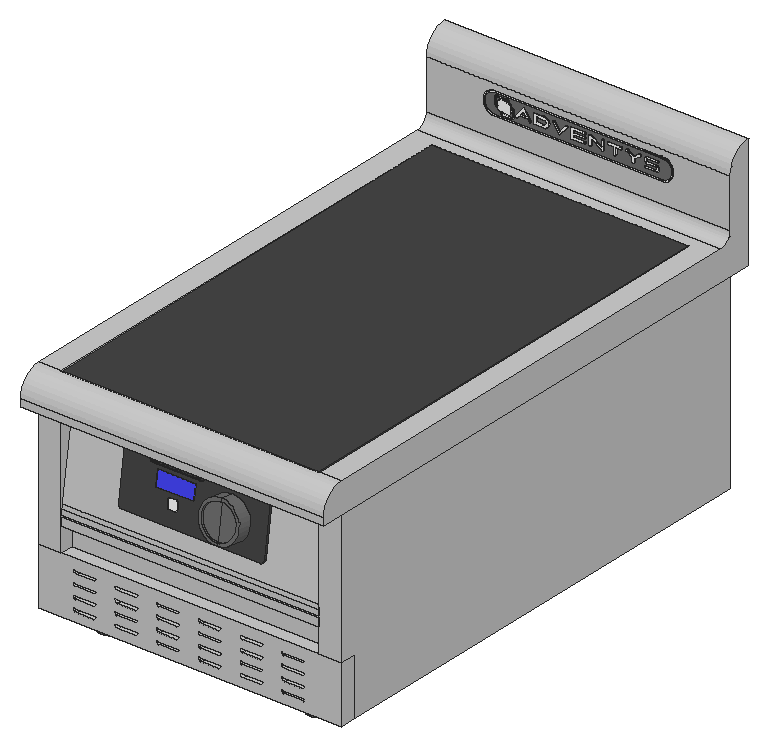
Revit family "QF_ADVENTYS_SKHP_250903103653", category Specialty Equipment, Revit 2021
Family settings
  Round Connector Dimension = Use Diameter
  Part Type = Normal
  OmniClass Number = 23.40.40.14
  OmniClass Title = Food Service Equipment
  Work Plane-Based = No
  Always vertical = Yes
  Cut with Voids When Loaded = No
  Shared = No
  Room Calculation Point = No
Parameters (values of type "ADV2186")
  Weight in Pounds [instance] = 0
  Weight = 25.00 kg
  Warranty Start Date [instance] = ""
  Warranty Duration [instance] = ""
  Volts [instance] = 400 V
  URL Recommended Spares List = ""
  URL Manufacturer = ""
  URL Cutsheet = ""
  URL Critical Spares List = ""
  URL = "www.adventys.com"
  Tag Number [instance] = ""
  Status [instance] = ""
  Specification by User [instance] = ""
  Specification by Manufacturer [instance] = ""
  Sound Level [instance] = ""
  Solid Fuel Type [instance] = ""
  Service Life Duration [instance] = ""
  Serial Number [instance] = ""
  Seismic Rating [instance] = ""
  SMACNA No [instance] = ""
  Revision Code [instance] = ""
  Revision [instance] = ""
  Production Year [instance] = ""
  Point Load [instance] = 0
  Phase [instance] = 3
  Other Equipment Approvals [instance] = ""
  Number of Poles [instance] = 3
  NAFEM Spec ID Number [instance] = ""
  Model Warning [instance] = ""
  Model = "SKHP"
  Min Ckt Ampacity [instance] = 0 A
  Max Overcurrent Protection [instance] = 25 A
  Masterspec [instance] = ""
  Manufacturer = "ADVENTYS"
  Length Actual = 400 mm
  Item Number [instance] = ""
  Installed By [instance] = ""
  Installation Date [instance] = ""
  Identify Quantity as Lot [instance] = no
  ID [instance] = ""
  Hygiene Approval [instance] = ""
  Hot Water Consumption = 0.0 L/s
  Height Actual = 310 mm
  HP power [instance] = ""
  Furnished By [instance] = ""
  Foodservice Equipment Identifier [instance] = no
  FL Amps [instance] = 16 A
  Electrical Remarks [instance] = "Plug not included"
  Electric power [instance] = 0 W
  Electric Connection Type [instance] = "Cord&Plug"
  Elec Conn RI Height [instance] = 0 mm
  Elec Conn Connection Height [instance] = 0 mm
  ETL Approved [instance] = no
  Description = "HOT PLATE MODULE"
  Depth Actual = 700 mm
  Default Elevation = 0 mm
  Cycle [instance] = 50 Hz
  Cost = 0
  Conn Plug [instance] = ""
  Conn Conduit [instance] = no
  CSI MasterFormat [instance] = ""
  CE Approved [instance] = no
  Barcode [instance] = 0
  Author [instance] = ""
  Asset Identifier [instance] = ""
  Apparent Power [instance] = 1000 VA
  Accessory = no
Reference planes
  plane 1 "Center (Front/Back)": y = 0
  plane 2: z = 0
  plane 3 "Center (Left/Right)": x = 0
Forms (mm)
  Extrusion 1, solid, not visible
    sketch origin (200.01, -32.002, 50.002) x (1, 0, 0) y (0, 1, 0)
      loop
        line (-2, 2) -> (-2, -2) -> (2, -2) -> (2, 2) -> (-2, 2)
    from -2 to 2
Dimensions and locks
  locked: Extrusion 1 to nested 2
  locked: nested 2 to Extrusion 1 at 2
  aligned and locked: level to plane 2
Nested families
  nested 1: "QF_ADVENTYS_ADV2186_2916" at (0, 0, 0), type "ADV2186"
    with Status "", Show Logo yes, Show Clearance yes
  nested 2: "CONN_POINT_ELE_2D___Generic_Annotation" at (200.01, -30.001, 50.002), type "CONN_POINT_ELE_2D___Generic_Annotation"
    with Onboard connection annotation symbol visibility yes
Connectors
  electrical at (200.01, -30.001, 50.002), driven by "Apparent Power", driven by "Number of Poles", driven by "Volts"
    settings: on Extrusion 1, index 1, voltage 400 V, apparent load 0 VA, apparent load phase1 1000 VA, apparent load phase2 0 VA, apparent load phase3 0 VA, power factor 1, load classification "Other", number of poles 3, system type 31, power factor state 1, is connector primary yes, connector utility no, sub classification motor no, connector description "Electrical connection for SKHP"
Definition of nested family "QF_ADVENTYS_ADV2186_2916"
  Parameters (values of type "ADV2186")
    URL = "www.adventys.com"
    Status [instance] = ""
    Show Logo [instance] = yes
    Show Clearance [instance] = yes
    Model = "SKHP"
    Manufacturer = "ADVENTYS"
    Description = "HOT PLATE MODULE"
    Default Elevation = 0 mm
    Author = "SPECIFI"
    Assembly Code = "E1090320"
  Reference planes
    plane 1 "Back": y = 0
    plane 2: z = 0
    plane 3 "Left": x = 0
    plane 4 "Right": x = 400
    plane 5 "Front": y = -700
    plane 6 "Top": z = 310
  Forms (mm)
    Extrusion 1, solid
      sketch origin (0, -550, -8.601) x (0, 1, 0) y (0, 0, 1)
        loop
          line (-150, 278.601) -> (550, 278.601) -> (550, 428.601)
          arc (550, 428.601) -> (528.787, 419.815) -> (520, 398.601) r 30
          line (520, 398.601) -> (520, 333.601)
          arc (520, 333.601) -> (515.607, 322.995) -> (505, 318.601) r 15
          line (505, 318.601) -> (-120, 318.601)
          arc (-120, 318.601) -> (-141.213, 309.815) -> (-150, 288.601) r 30
          line (-150, 288.601) -> (-150, 278.601)
      from 0 to 400
    Extrusion 2, solid, visible <- "Show Logo"
      sketch origin (66.717, 146.57, 781.431) x (1, 0, 0) y (0, 0, 1)
        loop
          arc (26.945, -405.612) -> (25.297, -406.294) -> (24.615, -407.942) r 2.329
          line (24.615, -407.942) -> (24.615, -413.701)
          arc (24.615, -413.701) -> (25.333, -415.383) -> (27.044, -416.028) r 2.329
          line (27.044, -416.028) -> (27.044, -411.667)
          arc (27.044, -411.667) -> (28.249, -409.269) -> (30.753, -408.302) r 3.727
          line (30.753, -408.302) -> (40.699, -408.302)
          arc (40.699, -408.302) -> (40.168, -406.427) -> (38.398, -405.612) r 2.329
          line (38.398, -405.612) -> (26.945, -405.612)
        loop
          arc (26.945, -404.215) -> (24.309, -405.306) -> (23.218, -407.942) r 3.727
          line (23.218, -407.942) -> (23.218, -413.701)
          arc (23.218, -413.701) -> (24.345, -416.371) -> (27.044, -417.427) r 3.727
          arc (27.044, -417.427) -> (27.999, -420.299) -> (30.77, -421.516) r 3.727
          arc (30.77, -421.516) -> (31.85, -424.173) -> (34.497, -425.277) r 3.727
          line (34.497, -425.277) -> (45.04, -425.277)
          arc (45.04, -425.277) -> (47.676, -424.185) -> (48.767, -421.55) r 3.727
          line (48.767, -421.55) -> (48.767, -416.154)
          arc (48.767, -416.154) -> (47.662, -413.505) -> (45.002, -412.427) r 3.727
          arc (45.002, -412.427) -> (44.322, -409.853) -> (42.098, -408.389) r 3.727
          arc (42.098, -408.389) -> (41.187, -405.47) -> (38.398, -404.215) r 3.727
          line (38.398, -404.215) -> (26.945, -404.215)
        loop
          arc (45.04, -423.879) -> (46.687, -423.197) -> (47.37, -421.55) r 2.329
          line (47.37, -421.55) -> (47.37, -416.154)
          arc (47.37, -416.154) -> (46.681, -414.501) -> (45.023, -413.825) r 2.329
          line (45.023, -413.825) -> (45.023, -417.789)
          arc (45.023, -417.789) -> (43.932, -420.424) -> (41.297, -421.516) r 3.727
          line (41.297, -421.516) -> (32.168, -421.516)
          arc (32.168, -421.516) -> (32.838, -423.185) -> (34.497, -423.879) r 2.329
          line (34.497, -423.879) -> (45.04, -423.879)
        loop
          arc (51.474, -419.149) -> (51.62, -421.006) -> (53.482, -420.957) r 1.353
          line (53.482, -420.957) -> (56.052, -418.386) -> (66.256, -418.386) -> (68.827, -420.957)
          arc (68.827, -420.957) -> (70.688, -421.006) -> (70.834, -419.149) r 1.353
          line (70.834, -419.149) -> (61.154, -407.195) -> (51.474, -419.149)
        loop
          line (61.154, -412) -> (57.878, -416.046) -> (64.43, -416.046) -> (61.154, -412)
        loop
          line (75.318, -407.422) -> (75.318, -421.177) -> (88.277, -421.177)
          arc (88.277, -421.177) -> (95.155, -414.299) -> (88.277, -407.422) r 6.877
          line (88.277, -407.422) -> (75.318, -407.422)
        loop
          line (88.277, -411.041) -> (78.937, -411.041) -> (78.937, -417.558) -> (88.277, -417.558)
          arc (88.277, -417.558) -> (91.536, -414.299) -> (88.277, -411.041) r 3.259
        loop
          arc (101.821, -408.219) -> (99.959, -408.171) -> (99.813, -410.027) r 1.353
          line (99.813, -410.027) -> (109.493, -421.981) -> (119.174, -410.027)
          arc (119.174, -410.027) -> (119.028, -408.171) -> (117.166, -408.219) r 1.353
          line (117.166, -408.219) -> (109.493, -417.694) -> (101.821, -408.219)
        loop
          line (142.076, -407.26) -> (123.764, -407.26) -> (123.764, -421.177) -> (142.076, -421.177)
          arc (142.076, -421.177) -> (143.489, -419.764) -> (142.076, -418.35) r 1.413
          line (142.076, -418.35) -> (126.938, -418.35) -> (126.938, -415.564) -> (142.076, -415.564)
          arc (142.076, -415.564) -> (143.355, -414.285) -> (142.076, -413.006) r 1.279
          line (142.076, -413.006) -> (126.938, -413.006) -> (126.938, -410.087) -> (142.076, -410.087)
          arc (142.076, -410.087) -> (143.489, -408.673) -> (142.076, -407.26) r 1.413
        loop
          line (147.746, -409.199) -> (147.746, -419.562)
          arc (147.746, -419.562) -> (149.249, -421.066) -> (150.753, -419.562) r 1.504
          line (150.753, -419.562) -> (150.753, -411.984) -> (164.154, -420.358)
          arc (164.154, -420.358) -> (166.328, -420.415) -> (167.432, -418.542) r 2.142
          line (167.432, -418.542) -> (167.432, -408.927)
          arc (167.432, -408.927) -> (165.846, -407.341) -> (164.26, -408.927) r 1.586
          line (164.26, -408.927) -> (164.26, -416.262) -> (150.507, -407.668)
          arc (150.507, -407.668) -> (148.676, -407.62) -> (147.746, -409.199) r 1.805
        loop
          arc (173.786, -407.529) -> (172.045, -409.271) -> (173.786, -411.012) r 1.741
          line (173.786, -411.012) -> (180.099, -411.012) -> (180.099, -418.888)
          arc (180.099, -418.888) -> (181.773, -420.563) -> (183.448, -418.888) r 1.675
          line (183.448, -418.888) -> (183.448, -411.012) -> (189.463, -411.012)
          arc (189.463, -411.012) -> (191.205, -409.271) -> (189.463, -407.529) r 1.741
          line (189.463, -407.529) -> (173.786, -407.529)
        loop
          line (206.15, -412.172) -> (199.243, -407.513)
          arc (199.243, -407.513) -> (196.903, -407.967) -> (197.358, -410.307) r 1.685
          line (197.358, -410.307) -> (204.265, -414.966) -> (204.265, -418.978)
          arc (204.265, -418.978) -> (206.15, -420.863) -> (208.035, -418.978) r 1.885
          line (208.035, -418.978) -> (208.035, -414.966) -> (214.942, -410.307)
          arc (214.942, -410.307) -> (215.397, -407.967) -> (213.057, -407.513) r 1.685
          line (213.057, -407.513) -> (206.15, -412.172)
        loop
          line (237.989, -407.529) -> (224.935, -407.529)
          arc (224.935, -407.529) -> (220.943, -411.522) -> (224.935, -415.515) r 3.993
          line (224.935, -415.515) -> (235.702, -415.515)
          arc (235.702, -415.515) -> (237.157, -416.969) -> (235.702, -418.424) r 1.455
          line (235.702, -418.424) -> (222.585, -418.424)
          arc (222.585, -418.424) -> (221.382, -419.627) -> (222.585, -420.83) r 1.203
          line (222.585, -420.83) -> (236.992, -420.83)
          arc (236.992, -420.83) -> (239.726, -416.462) -> (235.818, -413.103) r 3.953
          line (235.818, -413.103) -> (224.727, -413.103)
          arc (224.727, -413.103) -> (223.143, -411.519) -> (224.727, -409.936) r 1.584
          line (224.727, -409.936) -> (237.989, -409.936)
          arc (237.989, -409.936) -> (239.192, -408.732) -> (237.989, -407.529) r 1.203
        loop
          arc (22.934, -401.559) -> (9.66, -414.832) -> (22.934, -428.106) r 13.274
          line (22.934, -428.106) -> (243.631, -428.106)
          arc (243.631, -428.106) -> (256.905, -414.832) -> (243.631, -401.559) r 13.274
          line (243.631, -401.559) -> (22.934, -401.559)
        loop
          arc (22.934, -400.181) -> (8.283, -414.832) -> (22.934, -429.484) r 14.651
          line (22.934, -429.484) -> (243.631, -429.484)
          arc (243.631, -429.484) -> (258.283, -414.832) -> (243.631, -400.181) r 14.651
          line (243.631, -400.181) -> (22.934, -400.181)
      from 176.77 to 176.97
    Extrusion 3, solid, visible <- "Show Logo"
      sketch origin (66.717, -30.4, 781.431) x (1, 0, 0) y (0, 0, 1)
        loop
          arc (243.631, -429.484) -> (258.283, -414.832) -> (243.631, -400.181) r 14.651
          line (243.631, -400.181) -> (22.934, -400.181)
          arc (22.934, -400.181) -> (8.283, -414.832) -> (22.934, -429.484) r 14.651
          line (22.934, -429.484) -> (243.631, -429.484)
      from -0.2 to -0.4
    Extrusion 4, solid
      sketch origin (0, 0, 137.109) x (1, 0, 0) y (0, 1, 0)
        loop
          line (30, -670) -> (370, -670) -> (370, -60) -> (30, -60) -> (30, -670)
      from 167.891 to 172.891
    Extrusion 5, void
      sketch origin (0, 0, 0) x (1, 0, 0) y (0, 1, 0)
        loop
          line (370, -60) -> (30, -60) -> (30, -670) -> (370, -670) -> (370, -60)
      from 270 to 310
    Extrusion 6, solid
      sketch origin (0, -550, -8.601) x (0, -1, 0) y (0, 0, 1)
        loop
          line (-520, 278.601) -> (-520, 28.601) -> (100, 28.601) -> (100, 103.601) -> (120, 103.601) -> (120, 278.601) -> (-520, 278.601)
      from 0 to -30
    Extrusion 7, solid
      sketch origin (370, -550, -8.601) x (0, -1, 0) y (0, 0, 1)
        loop
          line (-520, 278.601) -> (-520, 28.601) -> (100, 28.601) -> (100, 103.601) -> (120, 103.601) -> (120, 278.601) -> (-520, 278.601)
      from 0 to -30
    Extrusion 8, solid
      sketch origin (0, -550, 44.054) x (0, -1, 0) y (0, 0, 1)
        loop
          line (120, 93.601) -> (100, 93.601) -> (100, 50.946) -> (102, 50.946) -> (102, 91.579) -> (118, 91.579) -> (118, 83.601) -> (120, 83.601) -> (120, 93.601)
      from -370 to -30
    Extrusion 9, solid
      sketch origin (0, -550, -8.601) x (0, -1, 0) y (0, 0, 1)
        loop
          line (120, 148.757) -> (120, 155.573)
          arc (120, 155.573) -> (119.875, 158.747) -> (119.502, 161.902) r 40.459
          line (119.502, 161.902) -> (101.019, 278.601) -> (-520, 278.601) -> (-520, 28.601) -> (100, 28.601) -> (100, 148.757) -> (120, 148.757)
      from -370 to -30
    Extrusion 10, solid
      sketch origin (45, -464.968, 530.558) x (1, 0, 0) y (0, 0.156434, 0.987688)
        loop
          arc (246, -384.032) -> (249.536, -382.568) -> (251, -379.032) r 5
          line (251, -379.032) -> (251, -312.032)
          arc (251, -312.032) -> (249.536, -308.496) -> (246, -307.032) r 5
          line (246, -307.032) -> (64, -307.032)
          arc (64, -307.032) -> (60.464, -308.496) -> (59, -312.032) r 5
          line (59, -312.032) -> (59, -379.032)
          arc (59, -379.032) -> (60.464, -382.568) -> (64, -384.032) r 5
          line (64, -384.032) -> (246, -384.032)
        loop
          line (103.227, -325.532) -> (103.227, -345.532) -> (153.227, -345.532) -> (153.227, -325.532) -> (103.227, -325.532)
        loop
          line (131.395, -351.749) -> (123.35, -351.749)
          arc (123.35, -351.749) -> (121.573, -352.485) -> (120.837, -354.262) r 2.513
          line (120.837, -354.262) -> (120.837, -361.802)
          arc (120.837, -361.802) -> (121.573, -363.579) -> (123.35, -364.315) r 2.513
          line (123.35, -364.315) -> (131.395, -364.315)
          arc (131.395, -364.315) -> (133.172, -363.579) -> (133.909, -361.802) r 2.513
          line (133.909, -361.802) -> (133.909, -354.262)
          arc (133.909, -354.262) -> (133.172, -352.485) -> (131.395, -351.749) r 2.513
      from 143 to 145
    Extrusion 11, solid
      sketch origin (45, -464.968, 530.558) x (1, 0, 0) y (0, 0.156434, 0.987688)
        loop
          line (131.395, -351.749) -> (123.35, -351.749)
          arc (123.35, -351.749) -> (121.573, -352.485) -> (120.837, -354.262) r 2.513
          line (120.837, -354.262) -> (120.837, -361.802)
          arc (120.837, -361.802) -> (121.573, -363.579) -> (123.35, -364.315) r 2.513
          line (123.35, -364.315) -> (131.395, -364.315)
          arc (131.395, -364.315) -> (133.172, -363.579) -> (133.909, -361.802) r 2.513
          line (133.909, -361.802) -> (133.909, -354.262)
          arc (133.909, -354.262) -> (133.172, -352.485) -> (131.395, -351.749) r 2.513
      from 143 to 145
    Extrusion 12, solid
      sketch origin (65, -465.906, 524.632) x (1, 0, 0) y (0, 0.156434, 0.987688)
        loop
          line (83.227, -319.532) -> (83.227, -339.532) -> (133.227, -339.532) -> (133.227, -319.532) -> (83.227, -319.532)
      from 143 to 145
    Revolve 13, solid
      sketch origin (250, -468.414, 359.459) x (0, 0.156434, 0.987688) y (0, -0.987688, 0.156434)
        loop
          line (-176, 168.362) -> (-160.729, 168.362) -> (-160.729, 173.362) -> (-149.125, 173.362) -> (-149.125, 191.544) -> (-153.125, 191.544) -> (-153.125, 189.544) -> (-176, 189.544) -> (-176, 168.362)
        axis (-176, 191.544) -> (-176, 168.362)
      angle from 0 to 360
    Extrusion 14, solid
      sketch origin (2.404, -670, 20) x (1, 0, 0) y (0, 0, 1)
        loop
          line (-2.404, 75) -> (-2.404, 0) -> (397.596, 0) -> (397.596, 75) -> (-2.404, 75)
        loop
          arc (43.912, 61.172) -> (44.726, 58.129) -> (47.581, 56.797) r 3.726
          line (47.581, 56.797) -> (70.579, 56.797)
          arc (70.579, 56.797) -> (73.434, 58.129) -> (74.248, 61.172) r 3.726
          line (74.248, 61.172) -> (43.912, 61.172)
        loop
          arc (98.912, 61.172) -> (99.726, 58.129) -> (102.581, 56.797) r 3.726
          line (102.581, 56.797) -> (125.579, 56.797)
          arc (125.579, 56.797) -> (128.434, 58.129) -> (129.248, 61.172) r 3.726
          line (129.248, 61.172) -> (98.912, 61.172)
        loop
          arc (153.912, 61.172) -> (154.726, 58.129) -> (157.581, 56.797) r 3.726
          line (157.581, 56.797) -> (180.579, 56.797)
          arc (180.579, 56.797) -> (183.434, 58.129) -> (184.248, 61.172) r 3.726
          line (184.248, 61.172) -> (153.912, 61.172)
        loop
          arc (208.912, 61.172) -> (209.726, 58.129) -> (212.581, 56.797) r 3.726
          line (212.581, 56.797) -> (235.579, 56.797)
          arc (235.579, 56.797) -> (238.434, 58.129) -> (239.248, 61.172) r 3.726
          line (239.248, 61.172) -> (208.912, 61.172)
        loop
          arc (263.912, 61.172) -> (264.726, 58.129) -> (267.581, 56.797) r 3.726
          line (267.581, 56.797) -> (290.579, 56.797)
          arc (290.579, 56.797) -> (293.434, 58.129) -> (294.248, 61.172) r 3.726
          line (294.248, 61.172) -> (263.912, 61.172)
        loop
          arc (318.912, 61.172) -> (319.726, 58.129) -> (322.581, 56.797) r 3.726
          line (322.581, 56.797) -> (345.579, 56.797)
          arc (345.579, 56.797) -> (348.434, 58.129) -> (349.248, 61.172) r 3.726
          line (349.248, 61.172) -> (318.912, 61.172)
        loop
          arc (43.912, 46.172) -> (44.726, 43.129) -> (47.581, 41.797) r 3.726
          line (47.581, 41.797) -> (70.579, 41.797)
          arc (70.579, 41.797) -> (73.434, 43.129) -> (74.248, 46.172) r 3.726
          line (74.248, 46.172) -> (43.912, 46.172)
        loop
          arc (98.912, 46.172) -> (99.726, 43.129) -> (102.581, 41.797) r 3.726
          line (102.581, 41.797) -> (125.579, 41.797)
          arc (125.579, 41.797) -> (128.434, 43.129) -> (129.248, 46.172) r 3.726
          line (129.248, 46.172) -> (98.912, 46.172)
        loop
          arc (153.912, 46.172) -> (154.726, 43.129) -> (157.581, 41.797) r 3.726
          line (157.581, 41.797) -> (180.579, 41.797)
          arc (180.579, 41.797) -> (183.434, 43.129) -> (184.248, 46.172) r 3.726
          line (184.248, 46.172) -> (153.912, 46.172)
        loop
          arc (208.912, 46.172) -> (209.726, 43.129) -> (212.581, 41.797) r 3.726
          line (212.581, 41.797) -> (235.579, 41.797)
          arc (235.579, 41.797) -> (238.434, 43.129) -> (239.248, 46.172) r 3.726
          line (239.248, 46.172) -> (208.912, 46.172)
        loop
          arc (263.912, 46.172) -> (264.726, 43.129) -> (267.581, 41.797) r 3.726
          line (267.581, 41.797) -> (290.579, 41.797)
          arc (290.579, 41.797) -> (293.434, 43.129) -> (294.248, 46.172) r 3.726
          line (294.248, 46.172) -> (263.912, 46.172)
        loop
          arc (318.912, 46.172) -> (319.726, 43.129) -> (322.581, 41.797) r 3.726
          line (322.581, 41.797) -> (345.579, 41.797)
          arc (345.579, 41.797) -> (348.434, 43.129) -> (349.248, 46.172) r 3.726
          line (349.248, 46.172) -> (318.912, 46.172)
        loop
          arc (43.912, 31.172) -> (44.726, 28.129) -> (47.581, 26.797) r 3.726
          line (47.581, 26.797) -> (70.579, 26.797)
          arc (70.579, 26.797) -> (73.434, 28.129) -> (74.248, 31.172) r 3.726
          line (74.248, 31.172) -> (43.912, 31.172)
        loop
          arc (98.912, 31.172) -> (99.726, 28.129) -> (102.581, 26.797) r 3.726
          line (102.581, 26.797) -> (125.579, 26.797)
          arc (125.579, 26.797) -> (128.434, 28.129) -> (129.248, 31.172) r 3.726
          line (129.248, 31.172) -> (98.912, 31.172)
        loop
          arc (153.912, 31.172) -> (154.726, 28.129) -> (157.581, 26.797) r 3.726
          line (157.581, 26.797) -> (180.579, 26.797)
          arc (180.579, 26.797) -> (183.434, 28.129) -> (184.248, 31.172) r 3.726
          line (184.248, 31.172) -> (153.912, 31.172)
        loop
          arc (208.912, 31.172) -> (209.726, 28.129) -> (212.581, 26.797) r 3.726
          line (212.581, 26.797) -> (235.579, 26.797)
          arc (235.579, 26.797) -> (238.434, 28.129) -> (239.248, 31.172) r 3.726
          line (239.248, 31.172) -> (208.912, 31.172)
        loop
          arc (263.912, 31.172) -> (264.726, 28.129) -> (267.581, 26.797) r 3.726
          line (267.581, 26.797) -> (290.579, 26.797)
          arc (290.579, 26.797) -> (293.434, 28.129) -> (294.248, 31.172) r 3.726
          line (294.248, 31.172) -> (263.912, 31.172)
        loop
          arc (318.912, 31.172) -> (319.726, 28.129) -> (322.581, 26.797) r 3.726
          line (322.581, 26.797) -> (345.579, 26.797)
          arc (345.579, 26.797) -> (348.434, 28.129) -> (349.248, 31.172) r 3.726
          line (349.248, 31.172) -> (318.912, 31.172)
        loop
          arc (43.912, 16.172) -> (44.726, 13.129) -> (47.581, 11.797) r 3.726
          line (47.581, 11.797) -> (70.579, 11.797)
          arc (70.579, 11.797) -> (73.434, 13.129) -> (74.248, 16.172) r 3.726
          line (74.248, 16.172) -> (43.912, 16.172)
        loop
          arc (98.912, 16.172) -> (99.726, 13.129) -> (102.581, 11.797) r 3.726
          line (102.581, 11.797) -> (125.579, 11.797)
          arc (125.579, 11.797) -> (128.434, 13.129) -> (129.248, 16.172) r 3.726
          line (129.248, 16.172) -> (98.912, 16.172)
        loop
          arc (153.912, 16.172) -> (154.726, 13.129) -> (157.581, 11.797) r 3.726
          line (157.581, 11.797) -> (180.579, 11.797)
          arc (180.579, 11.797) -> (183.434, 13.129) -> (184.248, 16.172) r 3.726
          line (184.248, 16.172) -> (153.912, 16.172)
        loop
          arc (208.912, 16.172) -> (209.726, 13.129) -> (212.581, 11.797) r 3.726
          line (212.581, 11.797) -> (235.579, 11.797)
          arc (235.579, 11.797) -> (238.434, 13.129) -> (239.248, 16.172) r 3.726
          line (239.248, 16.172) -> (208.912, 16.172)
        loop
          arc (263.912, 16.172) -> (264.726, 13.129) -> (267.581, 11.797) r 3.726
          line (267.581, 11.797) -> (290.579, 11.797)
          arc (290.579, 11.797) -> (293.434, 13.129) -> (294.248, 16.172) r 3.726
          line (294.248, 16.172) -> (263.912, 16.172)
        loop
          arc (318.912, 16.172) -> (319.726, 13.129) -> (322.581, 11.797) r 3.726
          line (322.581, 11.797) -> (345.579, 11.797)
          arc (345.579, 11.797) -> (348.434, 13.129) -> (349.248, 16.172) r 3.726
          line (349.248, 16.172) -> (318.912, 16.172)
      from 0 to -20
    Extrusion 15, solid
      sketch origin (0, 0, 0) x (1, 0, 0) y (0, 1, 0)
        loop
          circle (62.664, -630) r 15
        loop
          circle (337.336, -630) r 15
        loop
          circle (62.664, -70) r 15
        loop
          circle (337.336, -70) r 15
      from 0 to 20
    Extrusion 16, solid
      sketch origin (54.294, -416.695, 632.254) x (1, 0, 0) y (0, 0.156434, 0.987688)
        loop
          arc (88.7, -421.254) -> (88.222, -421.452) -> (88.024, -421.93) r 0.676
          line (88.024, -421.93) -> (88.024, -423.602)
          arc (88.024, -423.602) -> (88.232, -424.091) -> (88.729, -424.278) r 0.676
          line (88.729, -424.278) -> (88.729, -423.012)
          arc (88.729, -423.012) -> (89.079, -422.316) -> (89.806, -422.035) r 1.082
          line (89.806, -422.035) -> (92.693, -422.035)
          arc (92.693, -422.035) -> (92.539, -421.491) -> (92.025, -421.254) r 0.676
          line (92.025, -421.254) -> (88.7, -421.254)
        loop
          arc (88.7, -420.848) -> (87.935, -421.165) -> (87.618, -421.93) r 1.082
          line (87.618, -421.93) -> (87.618, -423.602)
          arc (87.618, -423.602) -> (87.945, -424.378) -> (88.729, -424.684) r 1.082
          arc (88.729, -424.684) -> (89.006, -425.518) -> (89.811, -425.871) r 1.082
          arc (89.811, -425.871) -> (90.124, -426.642) -> (90.893, -426.963) r 1.082
          line (90.893, -426.963) -> (93.953, -426.963)
          arc (93.953, -426.963) -> (94.718, -426.646) -> (95.035, -425.881) r 1.082
          line (95.035, -425.881) -> (95.035, -424.315)
          arc (95.035, -424.315) -> (94.714, -423.546) -> (93.942, -423.233) r 1.082
          arc (93.942, -423.233) -> (93.745, -422.485) -> (93.099, -422.06) r 1.082
          arc (93.099, -422.06) -> (92.835, -421.213) -> (92.025, -420.848) r 1.082
          line (92.025, -420.848) -> (88.7, -420.848)
        loop
          arc (93.953, -426.557) -> (94.431, -426.359) -> (94.629, -425.881) r 0.676
          line (94.629, -425.881) -> (94.629, -424.315)
          arc (94.629, -424.315) -> (94.43, -423.835) -> (93.948, -423.638) r 0.676
          line (93.948, -423.638) -> (93.948, -424.789)
          arc (93.948, -424.789) -> (93.631, -425.554) -> (92.866, -425.871) r 1.082
          line (92.866, -425.871) -> (90.216, -425.871)
          arc (90.216, -425.871) -> (90.411, -426.355) -> (90.893, -426.557) r 0.676
          line (90.893, -426.557) -> (93.953, -426.557)
        loop
          arc (95.821, -425.184) -> (95.863, -425.723) -> (96.404, -425.709) r 0.393
          line (96.404, -425.709) -> (97.15, -424.963) -> (100.112, -424.963) -> (100.858, -425.709)
          arc (100.858, -425.709) -> (101.399, -425.723) -> (101.441, -425.184) r 0.393
          line (101.441, -425.184) -> (98.631, -421.714) -> (95.821, -425.184)
        loop
          line (98.631, -423.109) -> (97.68, -424.283) -> (99.582, -424.283) -> (98.631, -423.109)
        loop
          line (102.743, -421.78) -> (102.743, -425.773) -> (106.505, -425.773)
          arc (106.505, -425.773) -> (108.501, -423.776) -> (106.505, -421.78) r 1.997
          line (106.505, -421.78) -> (102.743, -421.78)
        loop
          line (106.505, -422.83) -> (103.793, -422.83) -> (103.793, -424.722) -> (106.505, -424.722)
          arc (106.505, -424.722) -> (107.451, -423.776) -> (106.505, -422.83) r 0.946
        loop
          arc (110.437, -422.011) -> (109.896, -421.997) -> (109.854, -422.536) r 0.393
          line (109.854, -422.536) -> (112.664, -426.006) -> (115.474, -422.536)
          arc (115.474, -422.536) -> (115.432, -421.997) -> (114.891, -422.011) r 0.393
          line (114.891, -422.011) -> (112.664, -424.762) -> (110.437, -422.011)
        loop
          line (122.122, -421.733) -> (116.807, -421.733) -> (116.807, -425.773) -> (122.122, -425.773)
          arc (122.122, -425.773) -> (122.533, -425.362) -> (122.122, -424.952) r 0.41
          line (122.122, -424.952) -> (117.728, -424.952) -> (117.728, -424.143) -> (122.122, -424.143)
          arc (122.122, -424.143) -> (122.494, -423.772) -> (122.122, -423.401) r 0.371
          line (122.122, -423.401) -> (117.728, -423.401) -> (117.728, -422.553) -> (122.122, -422.553)
          arc (122.122, -422.553) -> (122.533, -422.143) -> (122.122, -421.733) r 0.41
        loop
          line (123.768, -422.295) -> (123.768, -425.304)
          arc (123.768, -425.304) -> (124.205, -425.74) -> (124.641, -425.304) r 0.437
          line (124.641, -425.304) -> (124.641, -423.104) -> (128.532, -425.535)
          arc (128.532, -425.535) -> (129.163, -425.551) -> (129.483, -425.008) r 0.622
          line (129.483, -425.008) -> (129.483, -422.216)
          arc (129.483, -422.216) -> (129.023, -421.756) -> (128.563, -422.216) r 0.46
          line (128.563, -422.216) -> (128.563, -424.346) -> (124.57, -421.851)
          arc (124.57, -421.851) -> (124.038, -421.837) -> (123.768, -422.295) r 0.524
        loop
          arc (131.328, -421.811) -> (130.822, -422.316) -> (131.328, -422.822) r 0.506
          line (131.328, -422.822) -> (133.16, -422.822) -> (133.16, -425.108)
          arc (133.16, -425.108) -> (133.647, -425.594) -> (134.133, -425.108) r 0.486
          line (134.133, -425.108) -> (134.133, -422.822) -> (135.879, -422.822)
          arc (135.879, -422.822) -> (136.384, -422.316) -> (135.879, -421.811) r 0.506
          line (135.879, -421.811) -> (131.328, -421.811)
        loop
          line (140.723, -423.158) -> (138.718, -421.806)
          arc (138.718, -421.806) -> (138.039, -421.938) -> (138.171, -422.617) r 0.489
          line (138.171, -422.617) -> (140.176, -423.97) -> (140.176, -425.134)
          arc (140.176, -425.134) -> (140.723, -425.682) -> (141.27, -425.134) r 0.547
          line (141.27, -425.134) -> (141.27, -423.97) -> (143.275, -422.617)
          arc (143.275, -422.617) -> (143.407, -421.938) -> (142.728, -421.806) r 0.489
          line (142.728, -421.806) -> (140.723, -423.158)
        loop
          line (149.966, -421.811) -> (146.176, -421.811)
          arc (146.176, -421.811) -> (145.017, -422.97) -> (146.176, -424.129) r 1.159
          line (146.176, -424.129) -> (149.302, -424.129)
          arc (149.302, -424.129) -> (149.724, -424.551) -> (149.302, -424.973) r 0.422
          line (149.302, -424.973) -> (145.494, -424.973)
          arc (145.494, -424.973) -> (145.145, -425.323) -> (145.494, -425.672) r 0.349
          line (145.494, -425.672) -> (149.676, -425.672)
          arc (149.676, -425.672) -> (150.47, -424.404) -> (149.336, -423.429) r 1.147
          line (149.336, -423.429) -> (146.116, -423.429)
          arc (146.116, -423.429) -> (145.656, -422.969) -> (146.116, -422.509) r 0.46
          line (146.116, -422.509) -> (149.966, -422.509)
          arc (149.966, -422.509) -> (150.315, -422.16) -> (149.966, -421.811) r 0.349
        loop
          arc (87.536, -420.077) -> (83.683, -423.931) -> (87.536, -427.784) r 3.853
          line (87.536, -427.784) -> (151.604, -427.784)
          arc (151.604, -427.784) -> (155.457, -423.931) -> (151.604, -420.077) r 3.853
          line (151.604, -420.077) -> (87.536, -420.077)
        loop
          arc (87.536, -419.677) -> (83.283, -423.931) -> (87.536, -428.184) r 4.253
          line (87.536, -428.184) -> (151.604, -428.184)
          arc (151.604, -428.184) -> (155.857, -423.931) -> (151.604, -419.677) r 4.253
          line (151.604, -419.677) -> (87.536, -419.677)
      from 176.77 to 176.97
  Cuts and joins
    Extrusion 5 cuts Extrusion 1
  Lines and regions (mm)
    symbolic lines
      curve 1: line (400, -700, 0) -> (400, 0, 0)
      curve 2: line (400, 0, 0) -> (0, 0, 0)
      curve 3: line (0, 0, 0) -> (0, -700, 0)
      curve 4: line (400, -700, 0) -> (0, -700, 0)
      curve 5: line (400, -30, 0) -> (0, -30, 0)
      curve 6: line (370, -60, 0) -> (30, -60, 0)
      curve 7: line (370, -670, 0) -> (370, -60, 0)
      curve 8: line (30, -670, 0) -> (370, -670, 0)
      curve 9: line (30, -60, 0) -> (30, -670, 0)
  Dimensions and locks
    plane 3 "Left" to plane 4 "Right" = 400 mm
    plane 5 "Front" to plane 1 "Back" = 700 mm
    plane 6 "Top" to level = 310 mm  (x2)
    aligned and locked: level to plane 2
Definition of nested family "CONN_POINT_ELE_2D___Generic_Annotation"
  Parameters (values of type "CONN_POINT_ELE_2D___Generic_Annotation")
    Onboard connection annotation symbol visibility [instance] = yes
  Reference planes
    plane 1: y = 0
    plane 2: x = 0
  Lines and regions (mm)
    detail lines, visible <- "Onboard connection annotation symbol visibility"
      curve 1: circle (0, 0, 0) r 0.5 normal (0, 0, 1)
      curve 2: line (-1, 0, 0) -> (1, 0, 0)
      curve 3: line (0, 1, 0) -> (0, -1, 0)
      curve 4: line (2.5, 1, 0) -> (1.25, 1, 0)
      curve 5: line (1.25, 1, 0) -> (1.25, -1, 0)
      curve 6: line (1.25, -1, 0) -> (2.5, -1, 0)
      curve 7: line (1.25, 0, 0) -> (2, 0, 0)
